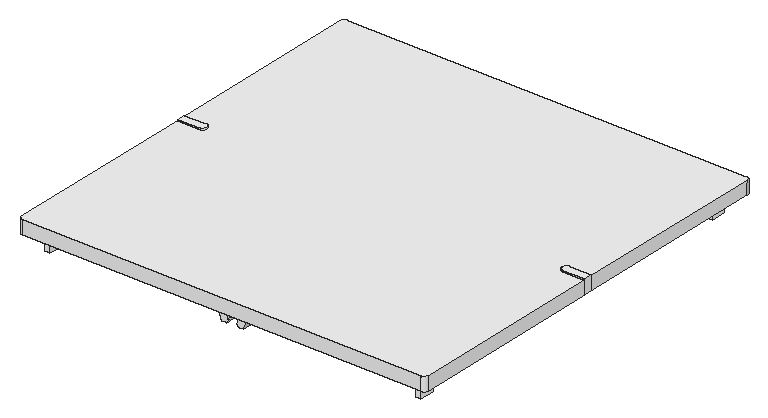
Revit family "Gira_502105", category Electrical Fixtures, host Face, Revit 2017
Family settings
  Host = Face
  Maintain Annotation Orientation = No
  Round Connector Dimension = Use Diameter
  Part Type = Normal
  Cut with Voids When Loaded = No
  Shared = No
  Room Calculation Point = No
Parameters (values of type "rocker set 1-g PB sens.4 TS4 black gl.")
  URL = "https://www.gira.de/"
  Type Comments = ""
  Transparent = no
  Radio frequent bidirectional = no
  Model = ""
  Material = "Glass"
  Manufacturer = "Gira"
  Keynote = ""
  HeinzeBIM = "https://www.heinze.de/bim/rocker-set-1-g-pb-sens-4-ts4-black-gl-/d6c0ba4cf761807aa4b9fc2b8d4e54e999237a42"
  HAN = "502105"
  GTIN = "4010337072027"
  Description = ""
  Default Elevation = 1219.2 mm
  Cost = 0
  Colour = "Black"
  BIMSITE_PRODUCT_ID = "d6c0ba4cf761807aa4b9fc2b8d4e54e999237a42"
  BIM = "https://media.live.bim.site/t/eyJhbGciOiJIUzI1NiIsInR5cCI6IkpXVCJ9.eyJjdCI6MSwidGYiOiJwdWJsaWMvZ2lyYS8wOWY1ZGI1LzQwXzUwMjEwMCBUUzQgV2lwcGVuc2V0IDFmYWNoLnJmYSIsImNpZCI6ImZlZDk4ZTlhLTFiZDgtNGM2OC1hNzNiLTc0YTk0ZTMxNTgyMyIsInJpZCI6ImJiYzYwOGJhMTIzZTM2Y2FkOTE4NzQzNGNlNzYxNjVhIiwicGlkIjoiZDZjMGJhNGNmNzYxODA3YWE0YjlmYzJiOGQ0ZTU0ZTk5OTIzN2E0MiIsInNpZCI6IjYzNDcwIiwidXQiOjUsImxjIjoiZW4iLCJpYXQiOjE2MDc0Mzg2MDIsImlzcyI6Imh0dHBzOi8vYXBpLmxpdmUuYmltLnNpdGUiLCJzdWIiOiI4ZDNhYTVjYi1lMDY2LTQ1OTgtYmUxNi02ZTE2ZWU3NDk1NmEifQ.HyH7aIuGHVlKrj2Keq9A73SxZ-WwAiblg8l72zvv3a8/40_502100 TS4 Wippenset 1fach.rfa"
  Assembly Code = ""
Reference planes
  plane 1 "Center (Front/Back)": y = 0
  plane 2: z = 0
  plane 3 "Center (Left/Right)": x = 0
Lines and regions (mm)
  reference lines
    curve 1: line (0, 47.5, 0) -> (0, -47.5, 0)
Dimensions and locks
  aligned and locked: plane 2 to host face
  aligned and locked: level to host face
Nested families
  nested 1: "40_502100 TS4 Wippenset 1fach" at (0, 0, 0), type "40_502100 TS4 Wippenset 1fach"
Definition of nested family "40_502100 TS4 Wippenset 1fach"
  Parameters
    White = none
  Reference planes
    plane 1 "Center (Front/Back)": y = 0
    plane 2: z = 0
    plane 3 "Center (Left/Right)": x = 0
  Forms (mm)
    Extrusion 1, solid, material <- "White", detail levels fine
      sketch origin (0, 0, 0) x (1, 0, 0) y (0, 1, 0)
        loop
          arc (-46.5, 47.5) -> (-47.207, 47.207) -> (-47.5, 46.5) r 1
          line (-47.5, 46.5) -> (-47.5, 1) -> (-42.5, 1)
          arc (-42.5, 1) -> (-41.5, 0) -> (-42.5, -1) r 1
          line (-42.5, -1) -> (-47.5, -1) -> (-47.5, -46.5)
          arc (-47.5, -46.5) -> (-47.207, -47.207) -> (-46.5, -47.5) r 1
          line (-46.5, -47.5) -> (46.5, -47.5)
          arc (46.5, -47.5) -> (47.207, -47.207) -> (47.5, -46.5) r 1
          line (47.5, -46.5) -> (47.5, -1) -> (42.5, -1)
          arc (42.5, -1) -> (41.5, 0) -> (42.5, 1) r 1
          line (42.5, 1) -> (47.5, 1) -> (47.5, 46.5)
          arc (47.5, 46.5) -> (47.207, 47.207) -> (46.5, 47.5) r 1
          line (46.5, 47.5) -> (-46.5, 47.5)
      from 0 to 3.1
    Extrusion 2, solid, material <- "White", detail levels fine
      sketch origin (0, 0, 0) x (1, 0, 0) y (0, 1, 0)
        loop
          line (43.976, 44.188) -> (-43.976, 44.188) -> (-43.976, -44.188) -> (43.976, -44.188) -> (43.976, 44.188)
      from 0 to -1.5
    Extrusion 3, solid, detail levels fine
      sketch origin (0, 0, 0) x (1, 0, 0) y (0, 0, 1)
        loop
          arc (-1.639, -4) -> (-1.115, -3.694) -> (-1.122, -3.087) r 0.603
          arc (-1.122, -3.087) -> (-0.011, -1.666) -> (1.122, -3.087) r 1.145
          arc (1.122, -3.087) -> (1.115, -3.694) -> (1.639, -4) r 0.603
          line (1.639, -4) -> (2.5, -4) -> (3.5, -1.5) -> (-3.5, -1.5) -> (-2.5, -4) -> (-1.639, -4)
      from 41.985 to 44.199
    Extrusion 4, solid, detail levels fine
      sketch origin (0, 0, 0) x (1, 0, 0) y (0, 0, -1)
        loop
          line (-1.639, 4) -> (-2.5, 4) -> (-3.5, 1.5) -> (3.5, 1.5) -> (2.5, 4) -> (1.639, 4)
          arc (1.639, 4) -> (1.115, 3.694) -> (1.122, 3.087) r 0.603
          arc (1.122, 3.087) -> (-0.011, 1.666) -> (-1.122, 3.087) r 1.145
          arc (-1.122, 3.087) -> (-1.115, 3.694) -> (-1.639, 4) r 0.603
      from 41.985 to 44.199
    Extrusion 5, solid, material <- "White", detail levels medium
      sketch origin (0, 0, 0) x (1, 0, 0) y (0, 1, 0)
        loop
          line (43.976, 44.188) -> (-43.976, 44.188) -> (-43.976, -44.188) -> (43.976, -44.188) -> (43.976, 44.188)
      from 0 to -4
    Extrusion 6, solid, material <- "White", detail levels medium
      sketch origin (0, 0, 0) x (1, 0, 0) y (0, 1, 0)
        loop
          line (-47.5, 47.5) -> (-47.5, -47.5) -> (47.5, -47.5) -> (47.5, 47.5) -> (-47.5, 47.5)
      from 0 to 3.3
    Extrusion 7, solid, material <- "White", detail levels fine
      sketch origin (0, 0, 0) x (1, 0, 0) y (0, 1, 0)
        loop
          line (-43.976, 44.188) -> (-43.976, 40.908) -> (-42.655, 40.908) -> (-42.655, 44.188) -> (-43.976, 44.188)
        loop
          line (43.976, 44.188) -> (42.655, 44.188) -> (42.655, 40.908) -> (43.976, 40.908) -> (43.976, 44.188)
        loop
          line (-43.976, -44.188) -> (-42.655, -44.188) -> (-42.655, -40.908) -> (-43.976, -40.908) -> (-43.976, -44.188)
        loop
          line (43.976, -44.188) -> (43.976, -40.908) -> (42.655, -40.908) -> (42.655, -44.188) -> (43.976, -44.188)
      from 0 to -4
    Extrusion 8, solid, detail levels fine
      sketch origin (0, 0, 0) x (1, 0, 0) y (0, 1, 0)
        loop
          line (-47.5, 1) -> (-47.5, -1) -> (-42.5, -1)
          arc (-42.5, -1) -> (-41.5, 0) -> (-42.5, 1) r 1
          line (-42.5, 1) -> (-47.5, 1)
        loop
          line (47.5, 1) -> (42.5, 1)
          arc (42.5, 1) -> (41.5, 0) -> (42.5, -1) r 1
          line (42.5, -1) -> (47.5, -1) -> (47.5, 1)
      from 0 to 3.3
    Extrusion 9, solid, detail levels coarse
      sketch origin (0, 0, 0) x (1, 0, 0) y (0, 1, 0)
        loop
          line (-47.5, 47.5) -> (-47.5, -47.5) -> (47.5, -47.5) -> (47.5, 47.5) -> (-47.5, 47.5)
      from -4 to 3.3
    Extrusion 10, solid, material <- "White", detail levels fine
      sketch origin (0, 0, 0) x (1, 0, 0) y (0, 1, 0)
        loop
          line (-41.852, 6.181) -> (-43.976, 4.461) -> (-43.976, -4.461) -> (-41.852, -6.181)
          arc (-41.852, -6.181) -> (-38.884, -6.014) -> (-38.763, -3.043) r 2.212
          line (-38.763, -3.043) -> (-38.763, 3.043)
          arc (-38.763, 3.043) -> (-38.884, 6.014) -> (-41.852, 6.181) r 2.212
        loop
          arc (-39.415, 3.847) -> (-39.669, 5.38) -> (-41.223, 5.404) r 1.212
          line (-41.223, 5.404) -> (-42.938, 4.015) -> (-40.57, 1.883) -> (-39.415, 3.847)
        loop
          line (-39.415, -3.847) -> (-40.57, -1.883) -> (-42.938, -4.015) -> (-41.223, -5.404)
          arc (-41.223, -5.404) -> (-39.669, -5.38) -> (-39.415, -3.847) r 1.212
        loop
          arc (41.852, 6.181) -> (38.884, 6.014) -> (38.763, 3.043) r 2.212
          line (38.763, 3.043) -> (38.763, -3.043)
          arc (38.763, -3.043) -> (38.884, -6.014) -> (41.852, -6.181) r 2.212
          line (41.852, -6.181) -> (43.976, -4.461) -> (43.976, 4.461) -> (41.852, 6.181)
        loop
          line (39.415, 3.847) -> (40.57, 1.883) -> (42.938, 4.015) -> (41.223, 5.404)
          arc (41.223, 5.404) -> (39.669, 5.38) -> (39.415, 3.847) r 1.212
        loop
          arc (39.415, -3.847) -> (39.669, -5.38) -> (41.223, -5.404) r 1.212
          line (41.223, -5.404) -> (42.938, -4.015) -> (40.57, -1.883) -> (39.415, -3.847)
      from 0 to -3.1
  Cuts and joins
    joined: Extrusion 2, Extrusion 7, Extrusion 10
  Dimensions and locks
    aligned and locked: level to plane 2
